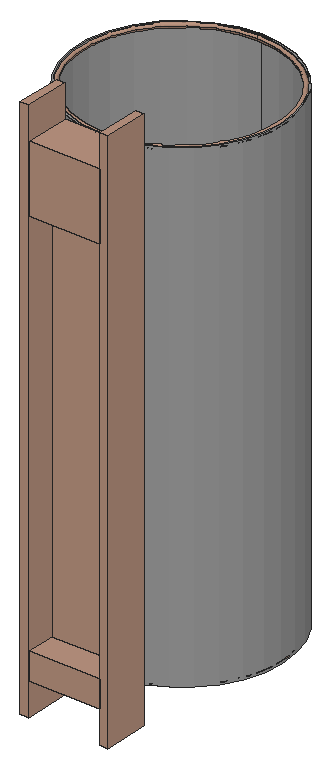
Revit family "Indoor_Wall Lamp_Santa&Cole_TMM", category Luminarias, Revit 2018
Family settings
  Cota de conector redondo = Diámetro de uso
  Tipo de pieza = Normal
  Número OmniClass = 23.80.70.00
  Título OmniClass = Lighting
  Se basa en plano de trabajo = Sí
  Siempre vertical = Sí
  Corte con vacíos al cargar = No
  Origen de luz = Sí
  Compartido = No
  Punto de cálculo de habitación = No
Parameters (values of type "TMM Largo - White Parchment Lampshade")
  Voltaje (90-305 V) = 220 V
  Visibility_TMM Largo = yes
  Visibility_TMM Corto = no
  Wattage = 3.16409 W
  URL = "https://www.santacole.com/en/catalogue/wall-lamps/tmm"
  Technical Information = "https://www.santacole.com/recursos/productos/downloads/pdf_espec_tecnicas/SC_TMM%20wall%20lamp_specification%20sheet.pdf"
  built-in parameter 1150110 = 1 (stored number, unit not read)
  Modelo = "TMM"
  Manufacturer website = "https://www.santacole.com"
  Lampshade Material = Santa & Cole - White Cardboard
  built-in parameter 1114217 = 1 (stored number, unit not read)
  built-in parameter 1150109 = 1 (stored number, unit not read)
  Fabricante = "Santa & Cole"
  Energy Label = "https://www.santacole.com/recursos/productos/downloads/pdf_energy_label/Energy%20Label_TMM_without_bulb.pdf"
  Default Elevation = 1219.2 mm
  Designed by = "Miguel Milá. 1964"
  Contact phone = "+34.938.619.100"
  Contact e-mail = "info@santacole.com"
  built-in parameter 1150134 = (empty or 0)
  built-in parameter 1150113 = 1 (stored number, unit not read)
  Lumens = 470 lm
  built-in parameter 1150115 = 1 (stored number, unit not read)
  built-in parameter 1150105 = 37.401 (stored number, unit not read)
  Tamaño de símbolo de origen de luz = 50 mm
  built-in parameter 1150137 = (empty or 0)
  built-in parameter 1150139 = (empty or 0)
  built-in parameter 1150112 = 1 (stored number, unit not read)
  built-in parameter 1150114 = 1 (stored number, unit not read)
  built-in parameter 1150132 = 2
  built-in parameter 1150102 = (empty or 0)
  built-in parameter 1150138 = (empty or 0)
  built-in parameter 1150107 = 2700 (stored number, unit not read)
  built-in parameter 1150106 = 0.37401 (stored number, unit not read)
  built-in parameter 1150104 = 13.8 (stored number, unit not read)
  Code = "ATL01/ATL02"
  Carga aparente = 4.5 VA
  Dimming Lamp Color Temperature Shift = (empty or 0)
  Color Filter = 16777215
  built-in parameter 1114218 = 1 (stored number, unit not read)
  Assembly instructions - UL = "https://www.santacole.com/recursos/productos/downloads/pdf_montaje/TMM_aplique_CORTO_im_UL.pdf"
  Assembly instructions - CE = "https://www.santacole.com/recursos/productos/downloads/pdf_montaje/TMM_aplique_CORTO_im_CE.pdf"
  built-in parameter 1150133 = 10 (stored number, unit not read)
Types (4, lengths in mm): name | Visibility_TMM Largo | Visibility_TMM Corto | Lampshade Material | Code
  TMM Corto - White Parchment Lampshade | no | yes | Santa & Cole - White Cardboard | "ATM3x"
  TMM Corto - Beige Parchment Lampshade | no | yes | Santa & Cole - Beige Cardboard | "ATM3x"
  TMM Largo - White Parchment Lampshade | yes | no | Santa & Cole - White Cardboard | "ATL01/ATL02"
  TMM Largo - Beige Parchment Lampshade | yes | no | Santa & Cole - Beige Cardboard | "ATL01/ATL02"
Reference planes
  plane 1 "Eje de origen de luz (F/P)": y = 0
  plane 2: z = 0
  plane 3 "Eje de origen de luz (I/D)": x = 0
  plane 4 "Elevación de origen de luz": z = 114.927
Forms (mm)
  Blend 1, solid, not visible
    base sketch origin (36.867, 153.179, 1765.164) x (-0.551937, 0.833886, 0) y (-0.833886, -0.551937, 0)
      loop
        line (-50.966, 0.411) -> (-50.966, -0.489) -> (-50.043, -0.489) -> (-50.043, 0.411) -> (-50.966, 0.411)
    top sketch origin (36.867, 153.179, 1765.164) x (-0.551937, 0.833886, 0) y (-0.833886, -0.551937, 0)
      loop
        line (-47.638, 0.875) -> (-47.638, 1.775) -> (-48.561, 1.775) -> (-48.561, 0.875) -> (-47.638, 0.875)
    from -112.076 to -105.022
  Blend 2, solid, not visible
    base sketch origin (-50.305, 123.446, 1917.584) x (0.96363, 0.267238, 0) y (-0.267238, 0.96363, 0)
      loop
        line (-50.966, 0.411) -> (-50.966, -0.489) -> (-50.043, -0.489) -> (-50.043, 0.411) -> (-50.966, 0.411)
    top sketch origin (-50.305, 123.446, 1917.584) x (0.96363, 0.267238, 0) y (-0.267238, 0.96363, 0)
      loop
        line (-47.638, 0.875) -> (-47.638, 1.775) -> (-48.561, 1.775) -> (-48.561, 0.875) -> (-47.638, 0.875)
    from -112.484 to -105.022
  Sweep 3, solid, not visible
    path origin (294.44, -207.288, 170.345) x (0, -1, 0) y (0, 0, 1)
      loop
        line (-293, 1511.9) -> (-278.776, 1511.9) -> (-221.503, 1484.838)
    profile origin (294.44, 78.6, 1682.245) x (0, 0, 1) y (-1, 0, 0)
      loop
        circle (-1, 330.796) r 1
  Extrusion 4, solid, material "Santa & Cole - Beech Wood", visible <- "Visibility_TMM Corto"
    sketch origin (0, 0, 0) x (1, 0, 0) y (0, 0, 1)
      loop
        line (-27, 200) -> (-27, 0) -> (-22, 0) -> (-22, 200) -> (-27, 200)
      loop
        line (22, 0) -> (27, 0) -> (27, 200) -> (22, 200) -> (22, 0)
    from -32 to 0
  Extrusion 5, solid, material "Santa & Cole - Beech Wood", visible <- "Visibility_TMM Corto"
    sketch origin (0, 0, 0) x (1, 0, 0) y (0, 0, 1)
      loop
        line (-22, 180) -> (-22, 138.5) -> (22, 138.5) -> (22, 180) -> (-22, 180)
      loop
        line (-22, 37) -> (-22, 20) -> (22, 20) -> (22, 37) -> (-22, 37)
    from -28 to 0
  Extrusion 6, solid, material "Santa & Cole - Beech Wood", visible <- "Visibility_TMM Corto"
    sketch origin (0, 0, 0) x (0, 1, 0) y (0, 0, 1)
      loop
        line (28, 138.5) -> (16, 138.5) -> (16, 37) -> (28, 37) -> (28, 138.5)
    from -22 to 22
  Revolve 7, solid, visible <- "Visibility_TMM Corto"
    sketch origin (0, 0, 0) x (0, 1, 0) y (0, 0, 1)
      loop
        arc (28.44, 89.65) -> (34.887, 84.486) -> (42.94, 82.65) r 18.46
        line (42.94, 82.65) -> (44.14, 80.85) -> (86.44, 80.85) -> (86.44, 100) -> (28.44, 100) -> (28.44, 89.65)
      axis (86.44, 100) -> (28.44, 100)
    angle from 0 to 360
  Revolve 8, solid, material "Santa & Cole - Beech Wood", visible <- "Visibility_TMM Corto"
    sketch origin (0, 0, 0) x (0, 1, 0) y (0, 0, 1)
      loop
        circle (33.7, 178.5) r 1.5
      loop
        circle (33.7, 21.5) r 1.5
      axis (132, 178.5) -> (132, 21.5)
    angle from 0 to 360
  Revolve 9, solid, material "Santa & Cole - White Cardboard" <- "Lampshade Material", visible <- "Visibility_TMM Corto"
    sketch origin (0, 0, 0) x (0, 1, 0) y (0, 0, 1)
      loop
        line (231.8, 180) -> (231.8, 20) -> (232.6, 20) -> (232.6, 180) -> (231.8, 180)
      axis (132, 180) -> (132, 20)
    angle from 0 to 360
  Extrusion 10, solid, material "Santa & Cole - Beech Wood", visible <- "Visibility_TMM Largo"
    sketch origin (0, 0, 0) x (1, 0, 0) y (0, 0, 1)
      loop
        line (-27, 340) -> (-27, 0) -> (-22, 0) -> (-22, 340) -> (-27, 340)
      loop
        line (27, 0) -> (27, 340) -> (22, 340) -> (22, 0) -> (27, 0)
    from -28 to 0
  Extrusion 11, solid, material "Santa & Cole - Beech Wood", visible <- "Visibility_TMM Largo"
    sketch origin (0, 0, 0) x (0, 1, 0) y (0, 0, 1)
      loop
        line (28, 320) -> (0, 320) -> (0, 278.5) -> (28, 278.5) -> (28, 320)
    from -22 to 22
  Extrusion 12, solid, material "Santa & Cole - Beech Wood", visible <- "Visibility_TMM Largo"
    sketch origin (0, 0, 0) x (0, 1, 0) y (0, 0, 1)
      loop
        line (0, 20) -> (28, 20) -> (28, 37) -> (0, 37) -> (0, 20)
    from -22 to 22
  Extrusion 13, solid, material "Santa & Cole - Beech Wood", visible <- "Visibility_TMM Largo"
    sketch origin (0, 0, 0) x (0, 1, 0) y (0, 0, 1)
      loop
        line (28, 278.5) -> (18, 278.5) -> (18, 37) -> (28, 37) -> (28, 278.5)
    from -22 to 22
  Revolve 14, solid, visible <- "Visibility_TMM Largo"
    sketch origin (0, 0, 0) x (0, 1, 0) y (0, 0, 1)
      loop
        line (109.65, 66.989) -> (109.65, 109.289) -> (90.5, 109.289) -> (90.5, 51.289) -> (100.85, 51.289)
        arc (100.85, 51.289) -> (106.082, 57.703) -> (107.85, 65.789) r 17.815
        line (107.85, 65.789) -> (109.65, 66.989)
      axis (90.5, 51.289) -> (90.5, 109.289)
    angle from 0 to 360
  Revolve 15, solid, visible <- "Visibility_TMM Largo"
    sketch origin (0, 0, 0) x (0, 1, 0) y (0, 0, 1)
      loop
        line (105, 51.289) -> (90.5, 51.289) -> (90.5, 49.789) -> (105, 49.789) -> (105, 51.289)
      axis (90.5, 51.289) -> (90.5, 49.789)
    angle from 0 to 360
  Sweep 16, solid, visible <- "Visibility_TMM Largo"
    path origin (0, 0, 0) x (0, 1, 0) y (0, 0, 1)
      loop
        line (151.138, 22.709) -> (122.547, 49.183)
        arc (122.547, 49.183) -> (121.83, 49.632) -> (120.999, 49.789) r 2.278
        line (120.999, 49.789) -> (99.5, 49.789)
    profile origin (0, 110.25, 49.789) x (0, 0, -1) y (1, 0, 0)
      loop
        circle (1, 0) r 1
  Revolve 17, solid, material "Santa & Cole - Beech Wood", visible <- "Visibility_TMM Largo"
    sketch origin (0, 0, 0) x (0, 1, 0) y (0, 0, 1)
      loop
        circle (151.45, 21.25) r 1.25
      loop
        circle (151.45, 318.45) r 1.25
      axis (90.5, 318.45) -> (90.5, 21.25)
    angle from 0 to 360
  Revolve 18, solid, material "Santa & Cole - White Cardboard" <- "Lampshade Material", visible <- "Visibility_TMM Largo"
    sketch origin (0, 0, 0) x (0, 1, 0) y (0, 0, 1)
      loop
        line (152.7, 319.7) -> (152.7, 20) -> (153.5, 20) -> (153.5, 319.7) -> (152.7, 319.7)
      axis (90.5, 319.7) -> (90.5, 20)
    angle from 0 to 360
  Sweep 19, solid, visible <- "Visibility_TMM Largo"
    path origin (78.375, 135.75, 0) x (-0.866025, -0.5, 0) y (0, 0, 1)
      loop
        line (151.138, 22.709) -> (122.547, 49.183)
        arc (122.547, 49.183) -> (121.83, 49.632) -> (120.999, 49.789) r 2.278
        line (120.999, 49.789) -> (99.5, 49.789)
    profile origin (-17.104, 80.625, 49.789) x (0, 0, -1) y (-0.5, 0.866025, 0)
      loop
        circle (1, 0) r 1
  Sweep 20, solid, visible <- "Visibility_TMM Largo"
    path origin (-78.375, 135.75, 0) x (0.866025, -0.5, 0) y (0, 0, 1)
      loop
        line (151.138, 22.709) -> (122.547, 49.183)
        arc (122.547, 49.183) -> (121.83, 49.632) -> (120.999, 49.789) r 2.278
        line (120.999, 49.789) -> (99.5, 49.789)
    profile origin (17.104, 80.625, 49.789) x (0, 0, -1) y (-0.5, -0.866025, 0)
      loop
        circle (1, 0) r 1
Dimensions and locks
  aligned and locked: plane 3 "Eje de origen de luz (I/D)" to imposter light
  aligned and locked: plane 4 "Elevación de origen de luz" to imposter light
  aligned and locked: level to plane 2
Connectors
  electrical at (0, 0, 159.25), driven by "Voltaje (90-305 V)", driven by "Carga aparente"
    settings: on Extrusion 5, index 1, voltage 220 V, apparent load 0 VA, apparent load phase1 4.5 VA, apparent load phase2 0 VA, apparent load phase3 0 VA, power factor 1, load classification "Iluminación", number of poles 1, system type 31, power factor state 1, is connector primary yes, connector utility no, sub classification motor no, connector description ""
